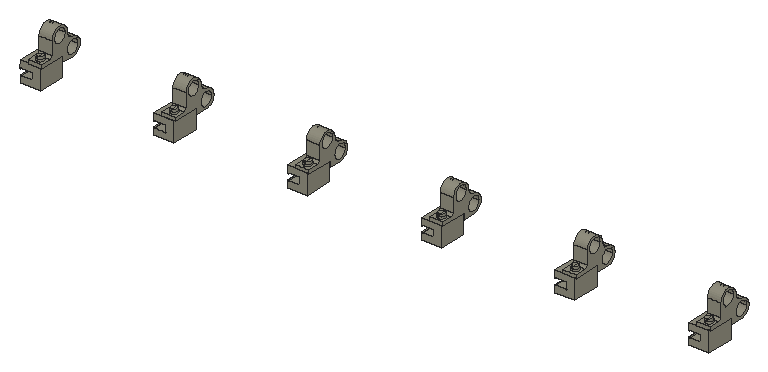
Revit family "Construction_Roof-Accessories_Alpine-SnowGuards_ASG3000G", category Specialty Equipment, host Face, Revit 2019
Family settings
  Host = Face
  Round Connector Dimension = Use Diameter
  Part Type = Normal
  OmniClass Number = 23.35.20.31.27.14
  OmniClass Title = Snow Guards
  Cut with Voids When Loaded = No
  Shared = No
  Room Calculation Point = No
Parameters (values of type "Two Pipe")
  Z_Two [instance] = Z_Length > Z_Horizontal Spacing  # yes
  Z_One [instance] = not(Z_Array)  # no
  Z_Length [instance] = if(Length < Z_Horizontal Spacing, Z_Horizontal Spacing, Length)  # 50"
  Z_Horizontal Spacing [instance] = if(Horizontal Spacing < 2", 2", Horizontal Spacing)  # 10"
  Z_Array [instance] = and(Z_Length > Z_Horizontal Spacing * 2)  # yes
  Z2 = no
  URL = "https://www.alpinesnowguards.com/model/asg3000g?utm_source=bimobject&utm_medium=productlisting&utm_campaign=2022marketing"
  U = no
  T2 = no
  T = yes
  Snow Guard Count [instance] = if(Length < Horizontal Spacing, 1, if(and(Z_Length > Z_Horizontal Spacing, Z_Length < Z_Horizontal Spacing * 2), 2, Z_Number of Pads Control))  # 6
  Product data url = "https://www.bimobject.com/en-us/alpine-snowguards/product/asg3000g_standing_seam_two_pipe_snow_guard"
  Product Material = Alpine SnowGuards - Aluminium - Mill Finish
  Product Guid = "bce507b7-dfe2-4af8-8564-828ac9c88d90"
  Z_Number of Pads Control [instance] = if(Z_Length / Z_Horizontal Spacing + 1 < 3, 3, rounddown(Z_Length / Z_Horizontal Spacing + 1))  # 6
  Pad Material = Alpine SnowGuards - Aluminium - Mill Finish
  Length Note [instance] = "To show a single SnowGuard in the Row, please set Length to 0"  # constant formula
  Model = "ASG3000G"
  Manufacturer = "Alpine SnowGuards"  # constant formula
  Length [instance] = 50"
  Keynote = "07720"
  Horizontal Spacing = 10"
  Edition number = 1
  Description = "ASG3000G two-pipe, pipe-style snow guard bracket in aluminum. Multiple block configurations available for different seam styles.\r\n"  # constant formula
  Default Elevation = 48"
  Assembly Code = "B3010"
Reference planes (in)
  plane 1 "Center (Front/Back)": y = 0
  plane 2: z = 0
  plane 3 "Center (Left/Right)": x = 0
  plane 4: x = 50
  plane 5: z = 0.125
  plane 6: x = 10
Dimensions and locks (in)
  "Z_Length": plane 3 "Center (Left/Right)" to plane 4
  locked: plane 5 to plane 2 at 0.125
  "Z_Horizontal Spacing": plane 3 "Center (Left/Right)" to plane 6
  equal spacing: group 1, group 2, group 3, group 4, group 5, group 6  (x3)
  aligned and locked: host face to plane 2
  aligned and locked: level to host face
  aligned and locked: nested 1 to plane 3 "Center (Left/Right)"
  aligned and locked: nested 2 to plane 6
  aligned and locked: plane 1 "Center (Front/Back)" to nested 1
  aligned and locked: plane 2 to nested 1
  aligned and locked: plane 1 "Center (Front/Back)" to nested 4
  aligned and locked: plane 1 "Center (Front/Back)" to nested 5
  aligned and locked: nested 4 to plane 3 "Center (Left/Right)"
  aligned and locked: nested 5 to plane 6
Automatic sketch dimensions
  host sketch curve to host sketch curve = 135.21334"
  host sketch curve to host sketch curve = 96"
Nested families (in)
  nested 1: "Construction_Roof-Accessories_Alpine-SnowGuards_Bracket-ASG3000G" at (0, -1, 0), Product  Material <- "Pad Material", T <- "T", T2 <- "T2", U <- "U", Z2 <- "Z2", visible <- "Z_Array", type "Construction_Roof-Accessories_Alpine-SnowGuards_Bracket-ASG3000G"
    with Z2 no, Z 1 1/2", U no, T2 no, T yes, Product  Material Alpine SnowGuards - Aluminium - Mill Finish
  nested 2: "Construction_Roof-Accessories_Alpine-SnowGuards_Bracket-ASG3000G" at (10, -1, 0), Product  Material <- "Pad Material", T <- "T", T2 <- "T2", U <- "U", Z2 <- "Z2", visible <- "Z_Array", type "Construction_Roof-Accessories_Alpine-SnowGuards_Bracket-ASG3000G"
    with Z2 no, Z 1 1/2", U no, T2 no, T yes, Product  Material Alpine SnowGuards - Aluminium - Mill Finish
  nested 3: "Construction_Roof-Accessories_Alpine-SnowGuards_Bracket-ASG3000G" at (20, -1, 0), Product  Material <- "Pad Material", T <- "T", T2 <- "T2", U <- "U", Z2 <- "Z2", visible <- "Z_Array", type "Construction_Roof-Accessories_Alpine-SnowGuards_Bracket-ASG3000G"
    with Z2 no, Z 1 1/2", U no, T2 no, T yes, Product  Material Alpine SnowGuards - Aluminium - Mill Finish
  nested 4: "Construction_Roof-Accessories_Alpine-SnowGuards_Bracket-ASG3000G" at (0, -1, 0), T <- "T", T2 <- "T2", U <- "U", Z2 <- "Z2", Product  Material <- "Pad Material", visible <- "Z_One", type "Construction_Roof-Accessories_Alpine-SnowGuards_Bracket-ASG3000G"
    with Z2 no, Z 1 1/2", U no, T2 no, T yes, Product  Material Alpine SnowGuards - Aluminium - Mill Finish
  nested 5: "Construction_Roof-Accessories_Alpine-SnowGuards_Bracket-ASG3000G" at (10, -1, 0), T <- "T", T2 <- "T2", U <- "U", Z2 <- "Z2", Product  Material <- "Pad Material", visible <- "Z_Two", type "Construction_Roof-Accessories_Alpine-SnowGuards_Bracket-ASG3000G"
    with Z2 no, Z 1 1/2", U no, T2 no, T yes, Product  Material Alpine SnowGuards - Aluminium - Mill Finish
  nested 6: "Construction_Roof-Accessories_Alpine-SnowGuards_Bracket-ASG3000G" at (30, -1, 0), Product  Material <- "Pad Material", T <- "T", T2 <- "T2", U <- "U", Z2 <- "Z2", visible <- "Z_Array", type "Construction_Roof-Accessories_Alpine-SnowGuards_Bracket-ASG3000G"
    with Z2 no, Z 1 1/2", U no, T2 no, T yes, Product  Material Alpine SnowGuards - Aluminium - Mill Finish
  nested 7: "Construction_Roof-Accessories_Alpine-SnowGuards_Bracket-ASG3000G" at (40, -1, 0), Product  Material <- "Pad Material", T <- "T", T2 <- "T2", U <- "U", Z2 <- "Z2", visible <- "Z_Array", type "Construction_Roof-Accessories_Alpine-SnowGuards_Bracket-ASG3000G"
    with Z2 no, Z 1 1/2", U no, T2 no, T yes, Product  Material Alpine SnowGuards - Aluminium - Mill Finish
  nested 8: "Construction_Roof-Accessories_Alpine-SnowGuards_Bracket-ASG3000G" at (50, -1, 0), Product  Material <- "Pad Material", T <- "T", T2 <- "T2", U <- "U", Z2 <- "Z2", visible <- "Z_Array", type "Construction_Roof-Accessories_Alpine-SnowGuards_Bracket-ASG3000G"
    with Z2 no, Z 1 1/2", U no, T2 no, T yes, Product  Material Alpine SnowGuards - Aluminium - Mill Finish
Definition of nested family "Construction_Roof-Accessories_Alpine-SnowGuards_Bracket-ASG3000G"
  Parameters (values of type "Construction_Roof-Accessories_Alpine-SnowGuards_Bracket-ASG3000G")
    Z [instance] = if(or(T, U), 1 1/2", if(T2, 1 5/8", if(Z2, 2 1/16", H)))  # 2 1/16"
    Z2 [instance] = yes
    U [instance] = no
    T2 [instance] = no
    T [instance] = no
    Product  Material [instance] = none
    H = 1 1/2"
  Reference planes (in)
    plane 1 "Center (Front/Back)": y = 0
    plane 2: z = 0
    plane 3 "Center (Left/Right)": x = 0
    plane 4: y = -2.5
    plane 5: z = 2.0625
    plane 6: y = 1
    plane 7: x = -0.5
    plane 8: x = 0.5
  Forms (in)
    Extrusion 1, solid, material <- "Product  Material", detail levels medium+fine
      sketch origin (0, 0, 0.6125) x (0, 1, 0) y (0, 0, 1)
        loop
          line (-1, 1) -> (-1, 1.45) -> (1, 1.45) -> (1, 1.7) -> (0.17187, 1.7)
          arc (0.17187, 1.7) -> (0.03929, 1.75492) -> (-0.01563, 1.8875) r 0.1875
          line (-0.01563, 1.8875) -> (-0.01563, 2.8867)
          arc (-0.01563, 2.8867) -> (-0.68023, 3.56074) -> (-1.36357, 2.9057) r 0.67411
          arc (-1.36357, 2.9057) -> (-1.51544, 2.53274) -> (-1.875, 2.35141) r 0.57385
          arc (-1.875, 2.35141) -> (-2.5507, 1.6757) -> (-1.875, 1) r 0.6757
          line (-1.875, 1) -> (-1, 1)
        loop
          circle (-0.6905, 2.92187) r 0.53125
        loop
          circle (-1.87721, 1.68176) r 0.53125
      from -0.5 to 0.5
    Revolve 2, solid, material <- "Product  Material", detail levels fine
      sketch origin (0, 0, 0.51867) x (0, 1, 0) y (0, 0, 1)
        loop
          line (0.5, 1.79383) -> (0.5, 2.04383) -> (0.26665, 2.04383) -> (0.26665, 1.88022) -> (0.22692, 1.88022) -> (0.22692, 1.79383) -> (0.5, 1.79383)
        axis (0.5, 2.04383) -> (0.5, 1.79383)
      angle from 0 to 360
    Extrusion 3, solid, material <- "Product  Material", detail levels coarse
      sketch origin (0, 0, 2.1125) x (0, 1, 0) y (0, 0, 1)
        loop
          line (-1, -0.5002) -> (-1, -0.05) -> (1, -0.05) -> (1, 0.2) -> (0.1875, 0.2)
          arc (0.1875, 0.2) -> (0.05492, 0.25492) -> (0, 0.3875) r 0.1875
          line (0, 0.3875) -> (0, 1.38669)
          arc (0, 1.38669) -> (-0.6646, 2.06073) -> (-1.34795, 1.40569) r 0.67411
          arc (-1.34795, 1.40569) -> (-1.50029, 1.03222) -> (-1.86077, 0.85126) r 0.57385
          arc (-1.86077, 0.85126) -> (-2.53649, 0.17553) -> (-1.86077, -0.5002) r 0.67573
          line (-1.86077, -0.5002) -> (-1, -0.5002)
      from -0.5 to 0.5
  Dimensions and locks (in)
    locked: plane 6 to plane 1 "Center (Front/Back)" at 1
    locked: plane 1 "Center (Front/Back)" to plane 4 at 2.5
    equal spacing: plane 7, plane 3 "Center (Left/Right)", plane 8
    locked: plane 7 to plane 8 at 1
    locked: Extrusion 1 sketch curve to Extrusion 1 sketch curve at 0.45
    locked: Extrusion 3 to plane 5 at 0.4502
    locked: Extrusion 3 sketch curve to Extrusion 3 sketch curve at 0.4502
    locked: Revolve 2 sketch curve to plane 5 at 0.25
    "Z": plane 5 to level
    aligned and locked: plane 2 to level
    aligned and locked: Extrusion 3 sketch curve to plane 6
    aligned and locked: plane 1 "Center (Front/Back)" to Extrusion 3 sketch curve
    aligned and locked: plane 7 to Extrusion 3
    aligned and locked: Extrusion 3 to plane 8
    aligned and locked: plane 5 to Extrusion 1 sketch curve
    aligned and locked: Extrusion 3 to plane 5
    aligned and locked: plane 5 to Extrusion 3 sketch curve
    aligned and locked: plane 6 to nested 1
    aligned and locked: level to nested 1
    aligned and locked: plane 3 "Center (Left/Right)" to nested 1
  Automatic sketch dimensions
    Revolve 2 sketch curve to plane 1 "Center (Front/Back)" = 0.22692"
    Revolve 2 sketch curve to Revolve 2 sketch curve = 0.03973"
    Revolve 2 sketch curve to Revolve 2 sketch curve = 0.23335"
    Revolve 2 sketch curve to plane 1 "Center (Front/Back)" = 1/2"
    level to Revolve 2 sketch curve = 2.01867"
    Extrusion 1 sketch curve to plane 6 = 0"
    Extrusion 1 sketch curve to plane 1 "Center (Front/Back)" = 11/64"
    plane 1 "Center (Front/Back)" to Extrusion 1 sketch curve = 1/64"
    Extrusion 1 sketch curve to Extrusion 1 sketch curve = 0.67411"
    Extrusion 1 sketch curve to Extrusion 1 sketch curve = 0.00077"
    plane 1 "Center (Front/Back)" to Extrusion 1 sketch curve = 1"
    plane 4 to Extrusion 1 sketch curve = 5/8"
    Extrusion 1 sketch curve to Extrusion 1 sketch curve = 0.00221"
    plane 4 to Extrusion 1 sketch curve = 0.56281"
    Extrusion 1 sketch curve to Extrusion 1 sketch curve = 0.00606"
    plane 5 to Extrusion 1 sketch curve = 1.4367"
    Extrusion 1 sketch curve to Extrusion 1 sketch curve = 9/256"
    Extrusion 1 sketch curve to Extrusion 1 sketch curve = 0.57047"
    plane 1 "Center (Front/Back)" to Extrusion 3 sketch curve = 0.67411"
    plane 1 "Center (Front/Back)" to Extrusion 3 sketch curve = 1"
    plane 4 to Extrusion 3 sketch curve = 0.63923"
    Extrusion 3 sketch curve to Extrusion 3 sketch curve = 0.0608"
    Extrusion 3 sketch curve to plane 1 "Center (Front/Back)" = 3/16"
    plane 5 to Extrusion 3 sketch curve = 1.43669"
    Extrusion 3 sketch curve to Extrusion 3 sketch curve = 0.57062"
    plane 5 to Extrusion 3 sketch curve = 1/4"
    Revolve 2 sketch curve to Revolve 2 sketch curve = 1/4"
    plane 5 to Extrusion 1 sketch curve = 0.2257"
    Extrusion 1 sketch curve to Extrusion 1 sketch curve = 1/4"
    Revolve 2 sketch curve to Revolve 2 sketch curve = 0.08639"
    plane 5 to Extrusion 3 sketch curve = 0.22553"
    level to Revolve 2 sketch curve = 0.51867"
    radius of Extrusion 1 sketch curve = 17/32"  (x2)
  Nested families (in)
    nested 1: "Construction_Roof-Accessories_Alpine-SnowGuards_Utility-Block-ASG3000G" at (0, 0, 0), Bracket Material <- "Product  Material", T <- "T", T2 <- "T2", U <- "U", Z2 <- "Z2", type "-"
      with Z2 yes, U no, T2 no, T no, Bracket Material none
  Definition of nested family "Construction_Roof-Accessories_Alpine-SnowGuards_Utility-Block-ASG3000G"
    Parameters (values of type "-")
      W = 1 1/2"
      H = 3 5/8"
      Bracket Material [instance] = none
      Z2 [instance] = no
      U [instance] = yes
      T2 [instance] = no
      T [instance] = no
    Types (2): name
      ASG3000G-U
      -
    Reference planes (in)
      plane 1 "Center (Front/Back)": y = 0
      plane 2 "Bottom": z = 0
      plane 3 "Center (Left/Right)": x = 0
      plane 4: y = 1
      plane 5: y = -1
      plane 6: z = 1.00411
      plane 7 "Fastener Config": z = 0.24988
      plane 8 "Top": z = 3.75
      plane 9: x = -1.10353
      plane 10: x = 1.10353
    Forms (in)
      Extrusion 1, solid, material <- "Bracket Material", visible <- "U"
        sketch origin (0, 0, 0) x (1, 0, 0) y (0, 0, 1)
          loop
            line (-0.75, 1.5) -> (-0.75, 0) -> (-0.25895, 0) -> (-0.25895, 0.06592) -> (-0.25895, 0.875) -> (0.28105, 0.875) -> (0.28105, 0.06592) -> (0.28105, 0) -> (0.75, 0) -> (0.75, 1.5) -> (-0.75, 1.5)
        from -1 to 1
      Extrusion 2, solid, material <- "Bracket Material", visible <- "T"
        sketch origin (-1.10353, 0, 0.75) x (0, 0, -1) y (1, 0, 0)
          loop
            line (-0.75, 1.5) -> (-0.75, 0) -> (-0.25411, 0) -> (-0.22286, 0) -> (-0.22286, 0.06592) -> (-0.25411, 0.06592) -> (-0.25411, 0.9) -> (0.25, 0.9) -> (0.25, 0.06592) -> (0.21875, 0.06592) -> (0.21875, 0) -> (0.25, 0) -> (0.75, 0) -> (0.75, 1.5) -> (-0.75, 1.5)
        from -1 to 1
      Extrusion 3, solid, material <- "Bracket Material", visible <- "T2"
        sketch origin (0, 0, 0) x (1, 0, 0) y (0, 0, 1)
          loop
            line (-1.20387, 1.625) -> (-1.20387, 0) -> (-0.2694, 0)
            arc (-0.2694, 0) -> (-0.20261, 0.02767) -> (-0.17495, 0.09446) r 0.09446
            line (-0.17495, 0.09446) -> (-0.17495, 0.525) -> (-0.64401, 0.525)
            arc (-0.64401, 0.525) -> (-0.85401, 0.735) -> (-0.64401, 0.945) r 0.21
            line (-0.64401, 0.945) -> (0.32113, 0.945)
            arc (0.32113, 0.945) -> (0.56921, 0.53309) -> (0.70005, 0.07038) r 1.8097
            arc (0.70005, 0.07038) -> (0.72752, 0.02004) -> (0.78124, 0) r 0.08202
            line (0.78124, 0) -> (1.18887, 0) -> (1.18887, 1.625) -> (-1.20387, 1.625)
        from -1 to 1
      Extrusion 4, solid, material <- "Bracket Material", visible <- "Z2"
        sketch origin (0, 0, 0) x (1, 0, 0) y (0, 0, 1)
          loop
            line (1.2525, 2.0625) -> (-1.2675, 2.0625) -> (-1.2675, 0) -> (-0.48696, 0)
            arc (-0.48696, 0) -> (-0.42017, 0.02767) -> (-0.3925, 0.09446) r 0.09446
            line (-0.3925, 0.09446) -> (-0.3925, 0.505)
            arc (-0.3925, 0.505) -> (-0.75716, 1.0679) -> (-0.17439, 1.39988) r 0.46129
            arc (-0.17439, 1.39988) -> (0.34558, 1.03275) -> (0.545, 0.42829) r 1.0158
            line (0.545, 0.42829) -> (0.545, 0.04411)
            arc (0.545, 0.04411) -> (0.58798, 0.01156) -> (0.64065, 0) r 0.12575
            line (0.64065, 0) -> (1.2525, 0) -> (1.2525, 2.0625)
        from -1 to 1
    Dimensions and locks (in)
      equal spacing: plane 4, plane 1 "Center (Front/Back)", plane 5
      locked: plane 4 to plane 5 at 2
      plane 4 to plane 1 "Center (Front/Back)" = 1"
      locked: Extrusion 1 sketch curve to level at 0.875
      locked: Extrusion 3 sketch curve to Extrusion 3 sketch curve at 1.625
      Extrusion 1 sketch curve to level = 1 1/2"
      Extrusion 4 sketch curve to level = 2 1/16"
      aligned and locked: plane 2 "Bottom" to level
      aligned and locked: level to Extrusion 1 sketch curve  (x2)
      aligned and locked: plane 4 to Extrusion 1
      aligned and locked: plane 5 to Extrusion 1
      aligned and locked: Extrusion 3 sketch curve to level  (x2)
      aligned and locked: plane 4 to Extrusion 3
      aligned and locked: plane 5 to Extrusion 3
      aligned and locked: Extrusion 4 sketch curve to level  (x2)
      aligned and locked: plane 4 to Extrusion 4
      aligned and locked: plane 5 to Extrusion 4
    Automatic sketch dimensions
      plane 9 to Extrusion 3 sketch curve = 0.10034"
      Extrusion 3 sketch curve to plane 9 = 0.01219"
      Extrusion 3 sketch curve to plane 9 = 0.45953"
      Extrusion 3 sketch curve to plane 3 "Center (Left/Right)" = 0.2694"
      Extrusion 3 sketch curve to plane 3 "Center (Left/Right)" = 0.17495"
      Extrusion 3 sketch curve to plane 6 = 0.05911"
      plane 3 "Center (Left/Right)" to Extrusion 3 sketch curve = 0.32113"
      level to Extrusion 3 sketch curve = 21/256"
      plane 10 to Extrusion 3 sketch curve = 0.08534"
      Extrusion 3 sketch curve to level = 0.18634"
      plane 7 "Fastener Config" to Extrusion 3 sketch curve = 0.27512"
      Extrusion 1 sketch curve to plane 9 = 0.35353"
      Extrusion 1 sketch curve to plane 3 "Center (Left/Right)" = 0.25895"
      plane 3 "Center (Left/Right)" to Extrusion 1 sketch curve = 0.28105"
      Extrusion 1 sketch curve to plane 10 = 0.35353"
      level to Extrusion 1 sketch curve = 0.06592"  (x2)
      plane 9 to Extrusion 4 sketch curve = 0.16397"
      plane 7 "Fastener Config" to Extrusion 4 sketch curve = 0.1784"
      level to Extrusion 4 sketch curve = 0.09446"
      Extrusion 4 sketch curve to Extrusion 4 sketch curve = 0.01616"
      Extrusion 4 sketch curve to plane 6 = 0.04545"
      level to Extrusion 4 sketch curve = 0.04411"
      Extrusion 4 sketch curve to Extrusion 4 sketch curve = 0.09565"
      plane 10 to Extrusion 4 sketch curve = 0.14897"
      Extrusion 4 sketch curve to plane 3 "Center (Left/Right)" = 0.17439"
      Extrusion 4 sketch curve to Extrusion 4 sketch curve = 0"
      Extrusion 4 sketch curve to Extrusion 4 sketch curve = 0.07671"
      plane 9 to Extrusion 2 sketch curve = 0"  (x2)
      Extrusion 2 sketch curve to plane 6 = 0"  (x2)
      Extrusion 2 sketch curve to level = 0"
      Extrusion 2 sketch curve to Extrusion 2 sketch curve = 0.49589"
      Extrusion 2 sketch curve to plane 6 = 1/32"
      Extrusion 2 sketch curve to plane 9 = 0.06592"  (x2)
      plane 7 "Fastener Config" to Extrusion 2 sketch curve = 0.28137"
      plane 7 "Fastener Config" to Extrusion 2 sketch curve = 0.25012"
      Extrusion 2 sketch curve to plane 3 "Center (Left/Right)" = 0.20353"
      plane 3 "Center (Left/Right)" to Extrusion 2 sketch curve = 0.39647"
      Extrusion 2 sketch curve to Extrusion 2 sketch curve = 1/32"
      Extrusion 3 sketch curve to plane 10 = 0.32229"
      Extrusion 4 sketch curve to plane 3 "Center (Left/Right)" = 0.48696"
